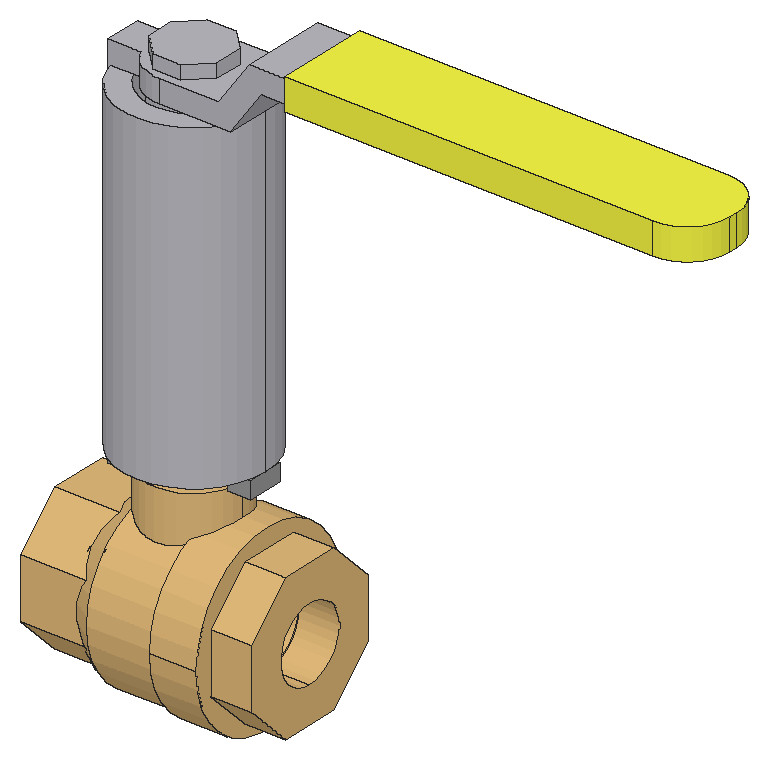
Revit family "410ASE-Ball-Valve", category Pipe Accessories, Revit 2018
Family settings
  Round Connector Dimension = Use Diameter
  Part Type = Valve - Breaks Into
  OmniClass Number = 23.60.30.11.14
  OmniClass Title = Pipework Fittings
  Work Plane-Based = No
  Always vertical = Yes
  Cut with Voids When Loaded = No
  Shared = No
Parameters
  Weight [instance] = size_lookup(LookupTable, "Weight", "NA", Nominal Diameter)  # "0.2 lbs."
  URL = "http://fnw.com"
  Standards Lookup Table = "Standards"  # constant formula
  Product ID Handle [instance] = size_lookup(LookupTable, "ProductIDHandle", "NA", Nominal Diameter)  # "4146941"
  Product ID [instance] = size_lookup(LookupTable, "ProductID", "NA", Nominal Diameter)  # "4146948"
  Pipe Diameter [instance] = size_lookup(Standards Lookup Table, "pipe_dia", 0", Nominal Diameter)  # 0.54"
  Pin [instance] = [1_Z3] + [1_Z2] + Z3 + 1/8"  # 2.75296"
  Piipe Radius [instance] = Pipe Diameter / 2  # 0.27"
  Part Number Handle [instance] = size_lookup(LookupTable, "PartNumberHandle", "NA", Nominal Diameter)  # "FNW410ASEBD"
  Part Number [instance] = size_lookup(LookupTable, "PartNumber", "NA", Nominal Diameter)  # "FNW410AB"
  NPT Insert [instance] = size_lookup(Standards Lookup Table, "NPT_insert", 0", Nominal Diameter)  # 0.4018"
  Manufacturer = "FNW"  # constant formula
  Description BOM Handle [instance] = size_lookup(LookupTable, "Description_BOMHandle", "NA", Nominal Diameter)  # "1/4 - 1/2 410/411A STEM Extension Kit"
  Description BOM [instance] = size_lookup(LookupTable, "Description_BOM", "NA", Nominal Diameter)  # "Not For Potable Use 1/4 BRS 600# WOG THRD 2PC Full Port BV"
  1_Z5 [instance] = size_lookup(LookupTable, "1_Z5", 0", Nominal Diameter)  # 1/4"
  1_Z4 [instance] = size_lookup(LookupTable, "1_Z4", 0", Nominal Diameter)  # 1/8"
  1_Z3 [instance] = size_lookup(LookupTable, "1_Z3", 0", Nominal Diameter)  # 2.362"
  1_Z2 [instance] = size_lookup(LookupTable, "1_Z2", 0", Nominal Diameter)  # 0.1644"
  1_Z1 [instance] = size_lookup(LookupTable, "1_Z1", 0", Nominal Diameter)  # 0.2226"
  Z3 [instance] = size_lookup(LookupTable, "Z3", 0", Nominal Diameter)  # 13/128"
  Z2 [instance] = size_lookup(LookupTable, "Z2", 0", Nominal Diameter)  # 1.011"
  Z1 [instance] = size_lookup(LookupTable, "Z1", 0", Nominal Diameter)  # 0.886"
  1_Y1 [instance] = size_lookup(LookupTable, "1_Y1", 0", Nominal Diameter)  # 5/8"
  1_X4 [instance] = size_lookup(LookupTable, "1_X4", 0", Nominal Diameter)  # 0.35625"
  1_X1 [instance] = size_lookup(LookupTable, "1_X1", 0", Nominal Diameter)  # 0.7125"
  1_X3 [instance] = size_lookup(LookupTable, "1_X3", 0", Nominal Diameter)  # 3.937"
  X7 [instance] = size_lookup(LookupTable, "X7", 0", Nominal Diameter)  # 0.845"
  X6 [instance] = size_lookup(LookupTable, "X6", 0", Nominal Diameter)  # 0"
  X5 [instance] = size_lookup(LookupTable, "X5", 0", Nominal Diameter)  # 0.30135"
  X4 [instance] = size_lookup(LookupTable, "X4", 0", Nominal Diameter)  # 0.338"
  X3 [instance] = size_lookup(LookupTable, "X3", 0", Nominal Diameter)  # 0.47985"
  X2 [instance] = size_lookup(LookupTable, "X2", 0", Nominal Diameter)  # 0.169"
  1_X2 [instance] = size_lookup(LookupTable, "1_X2", 0", Nominal Diameter)  # 0.2226"
  X1 [instance] = size_lookup(LookupTable, "X1", 0", Nominal Diameter)  # 0.4018"
  Show Lever Clearance [instance] = no
  R3 [instance] = size_lookup(LookupTable, "R3", 0", Nominal Diameter)  # 0.6625"
  R2 [instance] = size_lookup(LookupTable, "R2", 0", Nominal Diameter)  # 0.636"
  R1_Diam [instance] = R1 * 2  # 1.06"
  R1 [instance] = size_lookup(LookupTable, "R1", 0", Nominal Diameter)  # 0.53"
  Nominal Radius [instance] = Nominal Diameter / 2  # 1/8"
  Nominal Diameter [instance] = 1/4"
  LookupTable = "410ASE-Ball-Valve"  # constant formula
  HexAngle1 [instance] = 135.00°
  D3 [instance] = size_lookup(LookupTable, "D3", 0", Nominal Diameter)  # 1/2"
  D2 [instance] = size_lookup(LookupTable, "D2", 0", Nominal Diameter)  # 5/16"
  D1 [instance] = size_lookup(LookupTable, "D1", 0", Nominal Diameter)  # 0.7125"
  1_D1 [instance] = size_lookup(LookupTable, "1_D1", 0", Nominal Diameter)  # 1.0413"
Reference planes (in)
  plane 1 "Center (Front/Back)": y = 0
  plane 2: z = 0
  plane 3 "Center (Left/Right)": x = 0
  plane 4 "X7 End": x = -0.845
  plane 5 "D1 Top": z = 0.886
  plane 6 "D2 Top": z = 1.011
  plane 7: x = -0.4432
  plane 8: x = -0.2742
  plane 9: x = 0.20565
  plane 10 "Face EXT": x = 0.54365
  plane 11: x = 0.845
  plane 12 "R3 Top": z = 0.6625
  plane 13 "R2 Top": z = 0.636
  plane 14 "R1 Top": z = 0.53
  plane 15: x = -0.845
  plane 16 "Pipe radius": z = 0.27
  plane 17 "NPT": x = -0.4432
  plane 18 "NPT 2": x = 0.4432
  plane 19: z = 3.76396
Forms (in)
  Revolve 1, solid, material "Brass"
    sketch origin (0, 0, 0) x (1, 0, 0) y (0, 0, 1)
      loop
        line (-0.4432, 0.53) -> (-0.4432, 0.27) -> (0.20565, 0.27) -> (0.20565, 0.636) -> (-0.2742, 0.636) -> (-0.4432, 0.53)
      axis (0.20565, 0) -> (-0.4432, 0)
    angle from 0 to 360
  Sweep 2, solid, material "Brass"
    path origin (0, 0, 0) x (1, 0, 0) y (0, 0, 1)
      loop
        line (-0.845, 0) -> (0.845, 0)
    profile origin (0, 0, 0) x (0, 0, 1) y (0, -1, 0)
      loop
        circle (0, 0) r 0.27
      loop
        line (0.21953, 0.53) -> (-0.21953, 0.53) -> (-0.53, 0.21953) -> (-0.53, -0.21953) -> (-0.21953, -0.53) -> (0.21953, -0.53) -> (0.53, -0.21953) -> (0.53, 0.21953) -> (0.21953, 0.53)
  Extrusion 3, solid, material "Brass"
    sketch origin (0, 0, 0) x (0, 1, 0) y (0, 0, 1)
      loop
        circle (0, 0) r 0.6625
      loop
        circle (0, 0) r 0.27
    from 0.20565 to 0.54365
  Extrusion 4, solid, material "Brass"
    sketch origin (0, 0, 0.27) x (-1, 0, 0) y (0, -1, 0)
      loop
        circle (0, 0) r 0.35625
    from 0 to 0.616
  Extrusion 5, solid, material "Brass", not visible
    sketch origin (-0.4432, 0, 0) x (0, 0, 1) y (0, -1, 0)
      loop
        circle (0, 0) r 0.125
    from 0 to 0.8864
Dimensions and locks (in)
  "X7": plane 4 "X7 End" to plane 3 "Center (Left/Right)"
  "Z1": plane 5 "D1 Top" to plane 2
  "Z2": plane 6 "D2 Top" to plane 2
  "X1": plane 4 "X7 End" to plane 7
  "X2": plane 8 to plane 7
  "X3": plane 9 to plane 8
  "X4": plane 10 "Face EXT" to plane 9
  "X5": plane 11 to plane 10 "Face EXT"
  "R3": plane 12 "R3 Top" to plane 2
  "R2": plane 13 "R2 Top" to plane 2
  "R1": plane 14 "R1 Top" to plane 2
  "Piipe Radius": Revolve 1 sketch curve to plane 2
  "X6": plane 4 "X7 End" to plane 15
  equal spacing: Sweep 2 sketch curve, plane 1 "Center (Front/Back)", Sweep 2 sketch curve  (x4)
  "R1_Diam": Sweep 2 sketch curve to Sweep 2 sketch curve  (x4)
  Sweep 2 to Sweep 2 = 1.06"  (x5)
  "R1_Diam": Sweep 2 to Sweep 2  (x4)
  "Piipe Radius": plane 16 "Pipe radius" to plane 2
  "NPT Insert": plane 4 "X7 End" to plane 17 "NPT"
  "NPT Insert": plane 11 to plane 18 "NPT 2"
  "Pin": plane 19 to plane 6 "D2 Top"
  "R3": radius of Extrusion 3 sketch curve
  "Piipe Radius": radius of Extrusion 3 sketch curve
  "Piipe Radius": radius of Sweep 2 sketch curve
  radius of Sweep 2 sketch curve = 0.27"
  "D1": diameter of Extrusion 4 sketch curve
  "Nominal Radius": radius of Extrusion 5 sketch curve
  angle Sweep 2 sketch curve to Sweep 2 sketch curve = 135.00°  (x6)
  angle Sweep 2 to Sweep 2 = 135.00°  (x6)
  aligned and locked: plane 2 to level
  aligned and locked: Revolve 1 sketch curve to plane 13 "R2 Top"
  aligned and locked: plane 7 to Revolve 1 sketch curve
  aligned and locked: Extrusion 3 to plane 9
  aligned and locked: plane 10 "Face EXT" to Extrusion 3
  aligned and locked: Sweep 2 sketch curve to level
  aligned and locked: plane 5 "D1 Top" to Extrusion 4
  aligned and locked: plane 18 "NPT 2" to Extrusion 5
Automatic sketch dimensions
  plane 4 "X7 End" to Sweep 2 sketch curve = 0"
  Sweep 2 sketch curve to plane 11 = 0"
  Revolve 1 sketch curve to level = 0"
  Revolve 1 sketch curve to plane 8 = 0"
  Revolve 1 sketch curve to plane 9 = 0"
  Revolve 1 sketch curve to plane 14 "R1 Top" = 0"
  plane 4 "X7 End" to Revolve 1 sketch curve = 1.81248"
  plane 11 to Revolve 1 sketch curve = 4.72422"
  Sweep 2 sketch curve to plane 1 "Center (Front/Back)" = 0"
  profile plane to Sweep 2 sketch curve = 0"
  Extrusion 3 sketch curve to Extrusion 3 sketch curve = 0"  (x2)
  Extrusion 3 sketch curve to level = 0"
  Extrusion 3 sketch curve to plane 1 "Center (Front/Back)" = 0"
  plane 1 "Center (Front/Back)" to Extrusion 4 sketch curve = 0"
  Extrusion 4 sketch curve to plane 3 "Center (Left/Right)" = 0"
  Extrusion 5 sketch curve to level = 0"
  Extrusion 5 sketch curve to plane 1 "Center (Front/Back)" = 0"
Nested families (in)
  nested 1: "Nested Lever Ex Yellow" at (0, 0, 1.011), D3 <- "D3", Z6 <- "Z3", 1_X1 <- "1_X1", 1_X2 <- "1_X2", 1_X3 <- "1_X3", 1_Y1 <- "1_Y1", 1_Z1 <- "1_Z1", 1_Z2 <- "1_Z2", Show Lever Clearance <- "Show Lever Clearance", Description BOM <- "Description BOM Handle", Part Number <- "Part Number Handle", Product ID <- "Product ID Handle", Z3 <- "Z3", 1_Z3 <- "1_Z3", 1_D1 <- "1_D1", 1_Z4 <- "1_Z4", 1_Z5 <- "1_Z5", type "Nested Lever Ex Yellow"
    with Zero 0", Z6 13/128", Z3 13/128", Z1_Z2 0.1935", Void_Outer_Radius 3/8", Void_Outer 3/4", Tab_Width 3/8", Tab_Height_Center 0.1113", Show Lever Clearance no, Product ID "4146941", Part Number "FNW410ASEBD", Lock_Tab_Width 7/8", Lock Tab 1/2", Hypotenuse_Tab_Center 0.1574", Grip_L3 0.2269", Grip_L2 0.19565", Grip_L1 1/32", Description BOM "1/4 - 1/2 410/411A STEM Extension Kit", D3_Half 0.16667", D3 1/2", Clearance Hieght 6", Angle Hex Head 135.00°, Ang_Constraint 39.81°, 1_Z5 1/4", 1_Z4 1/8", 1_Z3 2.362", 1_Z2_Half 0.0822", 1_Z2 0.1644", 1_Z1_Quarter 0.13785", 1_Z1 0.2226", 1_Y1_Half 5/16", 1_Y1 5/8", 1_X3 3.937", 1_X2_Quarter 0.05565", 1_X2_Half 0.1113", 1_X2 0.2226", 1_X1 0.7125", 1_D1_Half 0.52065", 1_D1 1.0413", 0Grip 2 1/8"
Connectors (in)
  piping at (-0.4432, 0, 0), diameter 0.25, driven by "Nominal Diameter"
    settings: on Extrusion 5, index 1, connector inside diameter 24", connector length 0", flow factor 0, pipe flow 0 GPM, pressure drop 0.00 psi, fitting loss kfactor 0, connector angle 0.00°, fixture units 0, engagement length 0", angle of deflection 0.00°, flow configuration 0, flow direction 0, fitting loss method 0, system type 7, joint type 0, gender type 0, connector reference index 2, connector utility 0, adjustable connector no, is connector primary yes, connector description ""
  piping at (0.4432, 0, 0), diameter 0.25, driven by "Nominal Diameter"
    settings: on Extrusion 5, index 2, connector inside diameter 24", connector length 0", flow factor 0, pipe flow 0 GPM, pressure drop 0.00 psi, fitting loss kfactor 0, connector angle 0.00°, fixture units 0, engagement length 0", angle of deflection 0.00°, flow configuration 0, flow direction 0, fitting loss method 0, system type 7, joint type 0, gender type 0, connector reference index 1, connector utility 0, adjustable connector no, is connector primary no, connector description ""
Definition of nested family "Nested Lever Ex Yellow"
  Parameters (values of type "Nested Lever Ex Yellow")
    Zero [instance] = 0"  # constant formula
    Z6 [instance] = 1/8"
    Z3 [instance] = 1/8"
    Z1_Z2 [instance] = ([1_Z1] + [1_Z2]) / 2  # 23/32"
    Tab_Width [instance] = [1_Y1_Half] + (Grip_L1 * 2)  # 1 1/16"
    Tab_Height_Center [instance] = [1_Z1] / 2  # 5/8"
    Product ID [instance] = ""
    Part Number [instance] = ""
    Lock_Tab_Width [instance] = [1_Y1] + 1/4"  # 2 1/4"
    Lock Tab [instance] = 1/2"  # constant formula
    Hypotenuse_Tab_Center [instance] = sqrt(Tab_Height_Center ^ 2 + [1_X2_Half] ^ 2)  # 0.97628"
    Description BOM [instance] = ""
    Angle 2 = 45.00°
    Ang_Constraint [instance] = 39.81°  # constant formula
    1_Z5 [instance] = 0.69253"
    1_Z4 [instance] = 0.31083"
    1_Z3 [instance] = 4.14213"
    1_Z2 [instance] = 3/16"
    1_Z1_Quarter [instance] = [1_Z1] / 4 + ([1_Z2_Half])  # 13/32"
    1_Z1 [instance] = 1 1/4"
    1_Y1_Half [instance] = [1_Y1] / 2  # 1"
    1_Y1 [instance] = 2"
    1_X3 [instance] = 15.65095"
    1_X2_Quarter [instance] = [1_X2] / 4  # 3/8"
    1_X2_Half [instance] = [1_X2] / 2  # 3/4"
    1_X1 [instance] = 2 1/2"
    1_X2 [instance] = 1 1/2"
    Void_Outer_Radius [instance] = Void_Outer / 2  # 1 1/16"
    Void_Outer [instance] = [1_Y1] + Grip_L1 * 4  # 2 1/8"
    Show Lever Clearance [instance] = yes
    Grip_L3 [instance] = Grip_L1 + Grip_L2  # 1/4"
    Grip_L1 [instance] = 1/32"  # constant formula
    Grip_L2 [instance] = [1_Z2] + Grip_L1  # 7/32"
    Default Elevation = 48"
    D3_Half [instance] = D3 / 3  # 0.23251"
    D3 [instance] = 0.69752"
    Clearance Hieght [instance] = 6"  # constant formula
    Angle Hex Head [instance] = 135.00°
    1_Z2_Half [instance] = [1_Z2] / 2  # 3/32"
    1_D1_Half [instance] = [1_D1] / 2  # 1"
    1_D1 [instance] = 2"
    0Grip [instance] = 2 1/8"  # constant formula
  Reference planes (in)
    plane 1 "Center (Front/Back)": y = 0
    plane 2: z = 0
    plane 3 "Center (Left/Right)": x = 0
    plane 4: y = 1
    plane 5: y = -1
    plane 6: y = 1.03125
    plane 7: y = -1.03125
    plane 8: y = 0.5
    plane 9: y = -0.5
    plane 10: x = 2.25
    plane 11: z = 4.32963
    plane 12: x = 15.65095
    plane 13: x = 1.4375
    plane 14: x = 2.9375
    plane 15: z = 5.70463
    plane 16: z = 5.51713
    plane 17: z = 4.45463
    plane 18: z = 5.73588
    plane 19: z = 5.48588
    plane 20: x = 3.15625
    plane 21: z = 3.82963
    plane 22: x = -1.0625
    plane 23: x = 0.23251
    plane 24: x = 1
    plane 25: x = -1
    plane 26: z = -0.69253
    plane 27: z = -0.31083
    plane 28 "Lever Base": z = 4.14213
    plane 29: y = 0.133
    plane 30: y = -0.133
    plane 31: x = 0.1875
  Forms (in)
    Extrusion 1, solid
      sketch origin (0, 0, 0) x (1, 0, 0) y (0, 1, 0)
        loop
          line (-48, 48) -> (-48, -48) -> (48, -48) -> (48, 48) -> (-48, 48)
      from 0 to -12
    Extrusion 2, solid
      sketch origin (0, 0, 8.25) x (1, 0, 0) y (0, 0, 1)
        loop
          line (1.16002, -4.10787) -> (1.4375, -4.10787) -> (2.9375, -2.73287) -> (4.15625, -2.73287) -> (4.15625, -2.54537) -> (2.86457, -2.54537) -> (1.16002, -4.10787)
      from -1 to 1
    Extrusion 3, solid
      sketch origin (0, 0, 8.25) x (1, 0, 0) y (0, 1, 0)
        loop
          line (0.34876, 0.14446) -> (0.14446, 0.34876) -> (-0.14446, 0.34876) -> (-0.34876, 0.14446) -> (-0.34876, -0.14446) -> (-0.14446, -0.34876) -> (0.14446, -0.34876) -> (0.34876, -0.14446) -> (0.34876, 0.14446)
      from -3.92037 to -3.79537
    Extrusion 4, solid
      sketch origin (0, 0, 8.25) x (1, 0, 0) y (0, 1, 0)
        loop
          line (14.65095, 1.03125) -> (3.15625, 1.03125) -> (3.15625, -1.03125) -> (14.65095, -1.03125)
          arc (14.65095, -1.03125) -> (15.35806, -0.73836) -> (15.65095, -0.03125) r 1
          line (15.65095, -0.03125) -> (15.65095, 0.03125)
          arc (15.65095, 0.03125) -> (15.35806, 0.73836) -> (14.65095, 1.03125) r 1
      from -2.76412 to -2.51412
    Extrusion 5, solid, visible <- "Show Lever Clearance"
      sketch origin (2.98898, 0, 4.14213) x (0, 1, 0) y (-1, 0, 0)
        loop
          line (1, 1) -> (-12.66198, 1)
          arc (-12.66198, 1) -> (-8.66048, -8.66048) -> (1, -12.66198) r 13.66198
          line (1, -12.66198) -> (1, 1)
      from 0 to 6 <- "Clearance Hieght"
    Extrusion 6, solid
      sketch origin (0, 0, 8.25) x (1, 0, 0) y (0, 1, 0)
        loop
          line (1.4375, -1) -> (1.4375, 1) -> (0, 1) -> (0, -1) -> (1.4375, -1)
      from -4.10787 to -3.92037
    Revolve 7, solid
      sketch origin (0, 0, 0) x (1, 0, 0) y (0, 0, 1)
        loop
          line (0, 0) -> (1, 0) -> (1, 4.14213) -> (0.8125, 4.14213) -> (0.8125, 0.28036) -> (0, 0.28036) -> (0, 0)
        axis (0, 4.14213) -> (0, 0)
      angle from 0 to 360
    Extrusion 8, solid
      sketch origin (0, 0, 0) x (1, 0, 0) y (0, 1, 0)
        loop
          line (-1, 0.133) -> (-1, -0.133) -> (-0.8125, -0.133) -> (-0.8125, 0.133) -> (-1, 0.133)
      from -0.69253 to 0
    Extrusion 9, solid
      sketch origin (0, 0, 0) x (1, 0, 0) y (0, 1, 0)
        loop
          line (-1, 0.133) -> (-1, -0.133) -> (-0.875, -0.133) -> (-0.875, 0.133) -> (-1, 0.133)
      from 3.64213 to 4.14213
    Extrusion 10, solid
      sketch origin (0, 0, 0) x (-1, 0, 0) y (0, -1, 0)
        loop
          line (-1, -0.133) -> (-0.8125, -0.133) -> (-0.8125, 0.133) -> (-1, 0.133) -> (-1, -0.133)
      from -0.31083 to 0
    Extrusion 11, solid
      sketch origin (0, 0, 0) x (1, 0, 0) y (0, 1, 0)
        loop
          circle (0, 0) r 1
      from 4.14213 to 4.32963
    Extrusion 12, solid
      sketch origin (0, 0, 4.14213) x (0, 1, 0) y (-1, 0, 0)
        loop
          line (0.133, 1) -> (-0.133, 1) -> (-0.133, 0) -> (0.133, 0) -> (0.133, 1)
      from 0 to 0.1875
  Cuts and joins
    joined: Extrusion 2, Extrusion 6, Extrusion 9, Extrusion 11, Extrusion 12
  Lines and regions (in)
    reference lines
      curve 1: line (0, 0, 7.7262) -> (0, 0, 3.32963)
  Dimensions and locks (in)
    equal spacing: plane 4, plane 1 "Center (Front/Back)", plane 5
    "1_Y1": plane 4 to plane 5
    "Grip_L1": plane 5 to plane 7
    "Grip_L1": plane 6 to plane 4
    equal spacing: plane 9, plane 1 "Center (Front/Back)", plane 8
    "1_Y1_Half": plane 9 to plane 8
    "1_X3": plane 12 to plane 3 "Center (Left/Right)"
    "1_X2": plane 14 to plane 13
    "1_Z2": plane 15 to plane 16
    equal spacing: Extrusion 3 sketch curve, curve 1, Extrusion 3 sketch curve  (x4)
    "D3": Extrusion 3 sketch curve to Extrusion 3 sketch curve  (x4)
    "Grip_L1": plane 18 to plane 15
    "Grip_L2": plane 15 to plane 19
    "Grip_L2": plane 20 to plane 14
    Extrusion 5 sketch curve to Extrusion 5 sketch curve = 13.66198"  (x2)
    "D3_Half": plane 23 to plane 3 "Center (Left/Right)"
    equal spacing: plane 25, plane 3 "Center (Left/Right)", plane 24
    "1_D1": plane 25 to plane 24
    "1_Z4": plane 27 to plane 2
    "1_Z5": plane 26 to plane 2
    "Lock Tab": plane 21 to plane 11
    "1_Z3": plane 2 to plane 28 "Lever Base"
    "1_Z2": Revolve 7 sketch curve to plane 24
    equal spacing: Extrusion 8 sketch curve, plane 1 "Center (Front/Back)", Extrusion 8 sketch curve
    Extrusion 8 sketch curve to Extrusion 8 sketch curve = 0.26599"
    "1_Z2": plane 25 to Extrusion 8 sketch curve
    Extrusion 9 sketch curve to Extrusion 9 sketch curve = 0.26599"  (x2)
    "Lock Tab": plane 28 "Lever Base" to Extrusion 9
    "1_Z2": plane 28 "Lever Base" to plane 11
    "Z3": plane 11 to plane 17
    "1_Z1": plane 17 to plane 15
    Extrusion 10 sketch curve to Extrusion 10 sketch curve = 0.26599"  (x2)
    "1_Z2": Extrusion 10 to plane 24
    plane 12 to plane 3 "Center (Left/Right)" = 15.65095"
    "1_Z2": plane 15 to Extrusion 2
    equal spacing: plane 29, plane 1 "Center (Front/Back)", plane 30
    "1_Z2": plane 31 to plane 3 "Center (Left/Right)"
    equal spacing: plane 13, plane 31, plane 22
    "1_X1": plane 13 to plane 22
    "1_Z2": Extrusion 2 sketch curve to Extrusion 2 sketch curve
    "1_Y1_Half": radius of Extrusion 4 sketch curve  (x2)
    radius of Extrusion 5 sketch curve = 13.66198"
    "1_Y1_Half": radius of Extrusion 11 sketch curve
    "Angle Hex Head": angle Extrusion 3 sketch curve to Extrusion 3 sketch curve  (x6)
    aligned and locked: plane 2 to Extrusion 1
    aligned and locked: level to Extrusion 1
    aligned and locked: plane 16 to Extrusion 2 sketch curve
    aligned and locked: plane 15 to Extrusion 2 sketch curve
    aligned and locked: curve 1 to plane 3 "Center (Left/Right)"
    aligned and locked: plane 11 to Extrusion 3
    aligned and locked: Extrusion 3 to plane 17
    aligned and locked: Extrusion 4 sketch curve to plane 20
    aligned and locked: Extrusion 4 to plane 19
    aligned and locked: Extrusion 4 to plane 18
    aligned and locked: plane 13 to Extrusion 6 sketch curve
    aligned and locked: plane 24 to Revolve 7 sketch curve
    aligned and locked: Extrusion 8 to plane 26
    aligned and locked: plane 28 "Lever Base" to Extrusion 9
    aligned and locked: plane 27 to Extrusion 10
    aligned and locked: plane 12 to Extrusion 5
    aligned and locked: plane 4 to Extrusion 2
    aligned and locked: Extrusion 2 to plane 5
    aligned and locked: plane 4 to Extrusion 6 sketch curve
    aligned and locked: plane 5 to Extrusion 6 sketch curve
    aligned and locked: Extrusion 6 to plane 3 "Center (Left/Right)"
    aligned and locked: Extrusion 11 to plane 11
    aligned and locked: Extrusion 11 to Extrusion 5
    aligned and locked: Extrusion 6 to Extrusion 5
    aligned and locked: Extrusion 6 to plane 11
    aligned and locked: Extrusion 12 sketch curve to plane 25
    aligned and locked: Extrusion 12 to plane 11
    aligned and locked: Revolve 7 to plane 28 "Lever Base"
  Automatic sketch dimensions
    Extrusion 1 sketch curve to Extrusion 1 sketch curve = 96"  (x2)
    plane 21 to curve 1 = 1/2"
    plane 18 to curve 1 = 1.99032"
    Extrusion 9 sketch curve to plane 25 = 0"
    Extrusion 9 sketch curve to Extrusion 9 sketch curve = 1/8"
    plane 1 "Center (Front/Back)" to Extrusion 9 sketch curve = 0.133"
    Extrusion 10 sketch curve to plane 24 = 0"
    Extrusion 10 sketch curve to Extrusion 10 sketch curve = 3/16"
    Extrusion 10 sketch curve to plane 1 "Center (Front/Back)" = 0.133"
    Extrusion 5 sketch curve to plane 25 = 2.98898"
    Extrusion 5 sketch curve to plane 4 = 0"
    Extrusion 6 sketch curve to plane 25 = 1"
    Extrusion 12 sketch curve to plane 30 = 0"
    plane 29 to Extrusion 12 sketch curve = 0"
    Extrusion 12 sketch curve to plane 3 "Center (Left/Right)" = 0"
    Extrusion 2 sketch curve to plane 28 "Lever Base" = 0"
    plane 13 to Extrusion 2 sketch curve = 0"
    Extrusion 2 sketch curve to plane 14 = 0"
    plane 20 to Extrusion 2 sketch curve = 1"
    plane 6 to Extrusion 4 sketch curve = 0"
    plane 7 to Extrusion 4 sketch curve = 0"
    Extrusion 4 sketch curve to plane 12 = 0"
    Revolve 7 sketch curve to plane 3 "Center (Left/Right)" = 0"  (x2)
    Revolve 7 sketch curve to level = 0"
    Revolve 7 sketch curve to plane 28 "Lever Base" = 0"
    level to Revolve 7 sketch curve = 0.28036"
    Revolve 7 sketch curve to plane 26 = 2.83452"
    plane 21 to Revolve 7 sketch curve = 3/4"
    Extrusion 8 sketch curve to plane 25 = 0"
    plane 1 "Center (Front/Back)" to Extrusion 11 sketch curve = 0"
    Extrusion 11 sketch curve to plane 3 "Center (Left/Right)" = 0"
